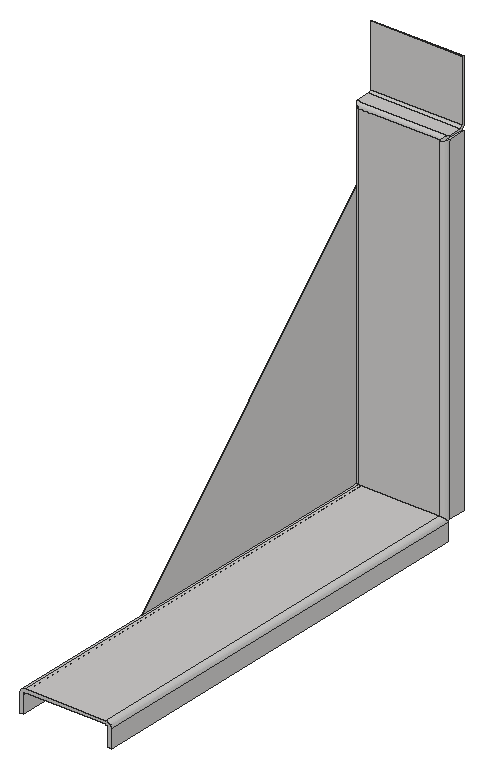
Revit family "QF_Vollrath_351035", category Specialty Equipment, Revit 2016
Family settings
  Part Type = Normal
  Round Connector Dimension = Use Diameter
  OmniClass Number = 23.40.40.00
  OmniClass Title = Food Service Equipment and Furnishings
  Work Plane-Based = No
  Always vertical = Yes
  Cut with Voids When Loaded = No
  Shared = No
  Room Calculation Point = No
Parameters
  Width = 3.41"
  Watermarked By = ""
  Symbolic Lines - Toaster Brackets [instance] = yes
  Model = "351035"
  Manufacturer = "Vollrath"
  Item Number = "-"
  Height = 15.9"
  Description = "Toaster Bracket"
  Depth = 16.4"
  Assembly Code = "E1090300"
Reference planes (in)
  plane 1 "BACK": y = 0
  plane 2: z = 0
  plane 3 "LEFT": x = -16.56573
  plane 4 "FRONT": y = -16.4
  plane 5 "RIGHT": x = -13.15573
  plane 6 "TOP": z = 15.9
  plane 7: y = -8.2
  plane 8: x = -14.86073
  plane 9 "Top 2": z = 13.4
Forms (in)
  Extrusion 1, solid, material "QF_Stainless-Polished"
    sketch origin (0, -16.4, 0) x (-1, 0, 0) y (0, 0, 1)
      loop
        line (13.28573, 0) -> (13.28573, 0.65)
        arc (13.28573, 0.65) -> (13.30916, 0.70657) -> (13.36573, 0.73) r 0.08
        line (13.36573, 0.73) -> (16.35573, 0.73)
        arc (16.35573, 0.73) -> (16.41229, 0.70657) -> (16.43573, 0.65) r 0.08
        line (16.43573, 0.65) -> (16.43573, 0) -> (16.56573, 0) -> (16.56573, 0.65)
        arc (16.56573, 0.65) -> (16.50422, 0.79849) -> (16.35573, 0.86) r 0.21
        line (16.35573, 0.86) -> (13.36573, 0.86)
        arc (13.36573, 0.86) -> (13.21723, 0.79849) -> (13.15573, 0.65) r 0.21
        line (13.15573, 0.65) -> (13.15573, 0) -> (13.28573, 0)
    from 0 to 15.67
  Extrusion 2, solid, material "QF_Stainless-Polished"
    sketch origin (0, 0, 13.4) x (0, 1, 0) y (-1, 0, 0)
      loop
        line (0, 16.56573) -> (-0.65, 16.56573)
        arc (-0.65, 16.56573) -> (-0.79849, 16.50422) -> (-0.86, 16.35573) r 0.21
        line (-0.86, 16.35573) -> (-0.86, 13.36573)
        arc (-0.86, 13.36573) -> (-0.79849, 13.21723) -> (-0.65, 13.15573) r 0.21
        line (-0.65, 13.15573) -> (0, 13.15573) -> (0, 13.28573) -> (-0.65, 13.28573)
        arc (-0.65, 13.28573) -> (-0.70657, 13.30916) -> (-0.73, 13.36573) r 0.08
        line (-0.73, 13.36573) -> (-0.73, 16.35573)
        arc (-0.73, 16.35573) -> (-0.70657, 16.41229) -> (-0.65, 16.43573) r 0.08
        line (-0.65, 16.43573) -> (0, 16.43573) -> (0, 16.56573)
    from 0 to -12.67
  Extrusion 3, solid, material "QF_Stainless-Polished"
    sketch origin (-16.56573, 0, 0) x (0, 1, 0) y (0, 0, 1)
      loop
        line (0, 15.9) -> (-0.06, 15.9) -> (-0.06, 13.62)
        arc (-0.06, 13.62) -> (-0.08343, 13.56343) -> (-0.14, 13.54) r 0.08
        line (-0.14, 13.54) -> (-0.72, 13.54)
        arc (-0.72, 13.54) -> (-0.81899, 13.49899) -> (-0.86, 13.4) r 0.14
        line (-0.86, 13.4) -> (-0.8, 13.4)
        arc (-0.8, 13.4) -> (-0.77657, 13.45657) -> (-0.72, 13.48) r 0.08
        line (-0.72, 13.48) -> (-0.14, 13.48)
        arc (-0.14, 13.48) -> (-0.04101, 13.52101) -> (0, 13.62) r 0.14
        line (0, 13.62) -> (0, 15.9)
    from 0 to 3.41
  Extrusion 4, void
    sketch origin (0, 0, 13.4) x (0, 1, 0) y (-1, 0, 0)
      loop
        line (-0.65, 16.56573) -> (-0.86, 16.56573) -> (-0.86, 16.35573)
        arc (-0.86, 16.35573) -> (-0.79849, 16.50422) -> (-0.65, 16.56573) r 0.21
      loop
        line (-0.86, 13.36573) -> (-0.86, 13.15573) -> (-0.65, 13.15573)
        arc (-0.65, 13.15573) -> (-0.79849, 13.21723) -> (-0.86, 13.36573) r 0.21
    from 0 to 1
  Extrusion 5, solid, material "QF_Stainless-Polished"
    sketch origin (-16.56573, 0, 0) x (0, 1, 0) y (0, 0, 1)
      loop
        line (0, 0) -> (0, 11.16686)
        arc (0, 11.16686) -> (-0.04939, 11.24077) -> (-0.13657, 11.22343) r 0.08
        line (-0.13657, 11.22343) -> (-11.22343, 0.13657)
        arc (-11.22343, 0.13657) -> (-11.24077, 0.04939) -> (-11.16686, 0) r 0.08
        line (-11.16686, 0) -> (0, 0)
    from 0 to -0.06
Cuts and joins
  Extrusion 4 cuts Extrusion 3
  joined: Extrusion 1, Extrusion 2, Extrusion 3
Lines and regions (in)
  symbolic lines, visible <- "Symbolic Lines - Toaster Brackets"
    curve 1: line (-13.15573, 0, 13.4) -> (-16.56573, 0, 13.4)
    curve 2: line (-13.15573, -16.4, 13.4) -> (-13.15573, 0, 13.4)
    curve 3: line (-16.56573, -16.4, 13.4) -> (-13.15573, -16.4, 13.4)
    curve 4: line (-16.56573, 0, 13.4) -> (-16.56573, -16.4, 13.4)
  symbolic lines, style "QF_Details_Surface", visible <- "Symbolic Lines - Toaster Brackets"
    curve 5: arc (-16.35573, -0.86, 13.4) -> (-16.50422, -0.79849, 13.4) -> (-16.56573, -0.65, 13.4) r 0.21
    curve 6: arc (-13.15573, -0.65, 13.4) -> (-13.21723, -0.79849, 13.4) -> (-13.36573, -0.86, 13.4) r 0.21
    curve 7: line (-16.35573, -0.86, 13.4) -> (-13.36573, -0.86, 13.4)
    curve 8: line (-16.62573, -11.24686, 13.4) -> (-16.62573, 0, 13.4)
    curve 9: line (-16.62573, 0, 13.4) -> (-16.56573, 0, 13.4)
    curve 10: line (-16.62573, -11.24686, 13.4) -> (-16.56573, -11.24686, 13.4)
Dimensions and locks (in)
  "Width": plane 3 "LEFT" to plane 5 "RIGHT"
  "Depth": plane 4 "FRONT" to plane 1 "BACK"
  equal spacing: plane 1 "BACK", plane 7, plane 4 "FRONT"
  equal spacing: plane 3 "LEFT", plane 8, plane 5 "RIGHT"
  "Height": plane 6 "TOP" to plane 2
  locked: plane 6 "TOP" to plane 9 "Top 2" at 2.5
  aligned and locked: level to plane 2
  aligned and locked: Extrusion 1 sketch curve to level
  aligned and locked: Extrusion 2 sketch curve to plane 1 "BACK"  (x2)
  aligned and locked: plane 5 "RIGHT" to Extrusion 2 sketch curve
  aligned and locked: Extrusion 2 sketch curve to plane 3 "LEFT"
  aligned and locked: Extrusion 2 to Extrusion 1
  aligned and locked: Extrusion 3 sketch curve to plane 6 "TOP"
  aligned and locked: plane 5 "RIGHT" to Extrusion 3
  aligned and locked: plane 1 "BACK" to Extrusion 5 sketch curve
  aligned and locked: Extrusion 5 sketch curve to level
  aligned and locked: curve 2 to cut or joined group of Extrusion 1, Extrusion 2, Extrusion 3, Extrusion 4
  aligned and locked: curve 3 to cut or joined group of Extrusion 1, Extrusion 2, Extrusion 3, Extrusion 4
  aligned and locked: curve 4 to cut or joined group of Extrusion 1, Extrusion 2, Extrusion 3, Extrusion 4
  aligned and locked: curve 5 to cut or joined group of Extrusion 1, Extrusion 2, Extrusion 3, Extrusion 4
  aligned and locked: curve 6 to cut or joined group of Extrusion 1, Extrusion 2, Extrusion 3, Extrusion 4
Automatic sketch dimensions
  Extrusion 1 sketch curve to Extrusion 1 sketch curve = 0"  (x4)
  Extrusion 1 sketch curve to level = 0"
  Extrusion 1 sketch curve to plane 5 "RIGHT" = 0"
  Extrusion 1 sketch curve to plane 3 "LEFT" = 0"
  Extrusion 1 sketch curve to plane 5 "RIGHT" = 0.13"
  Extrusion 1 sketch curve to Extrusion 1 sketch curve = 0.08"  (x2)
  level to Extrusion 1 sketch curve = 0.65"
  Extrusion 2 sketch curve to Extrusion 2 sketch curve = 0"  (x4)
  plane 3 "LEFT" to Extrusion 2 sketch curve = 0.21"
  plane 1 "BACK" to Extrusion 2 sketch curve = 0.65"
  Extrusion 2 sketch curve to plane 5 "RIGHT" = 0.21"
  Extrusion 2 sketch curve to Extrusion 2 sketch curve = 0.08"
  Extrusion 3 sketch curve to Extrusion 3 sketch curve = 0"  (x5)
  Extrusion 3 sketch curve to Extrusion 3 sketch curve = 0.58"
  Extrusion 3 sketch curve to Extrusion 3 sketch curve = 0.08"  (x2)
  Extrusion 3 sketch curve to Extrusion 3 sketch curve = 0.06"
  Extrusion 3 sketch curve to plane 1 "BACK" = 0"
  Extrusion 4 sketch curve to plane 5 "RIGHT" = 0"
  Extrusion 4 sketch curve to plane 3 "LEFT" = 0"
  plane 1 "BACK" to Extrusion 4 sketch curve = 0.86"  (x2)
  plane 3 "LEFT" to Extrusion 4 sketch curve = 0.21"
  Extrusion 4 sketch curve to Extrusion 4 sketch curve = 0.21"
  Extrusion 4 sketch curve to Extrusion 4 sketch curve = 0"
  Extrusion 3 sketch curve to plane 9 "Top 2" = 0"
  Extrusion 5 sketch curve to Extrusion 5 sketch curve = 0.08"
  Extrusion 5 sketch curve to Extrusion 5 sketch curve = 0.05657"  (x2)
  level to Extrusion 5 sketch curve = 0.08"
  Extrusion 5 sketch curve to plane 7 = 2.96686"
  Extrusion 5 sketch curve to plane 9 "Top 2" = 2.23314"
  plane 1 "BACK" to curve 2 = 0"
  curve 9 to plane 3 "LEFT" = 0.06"
  curve 8 to plane 7 = 3.04686"
